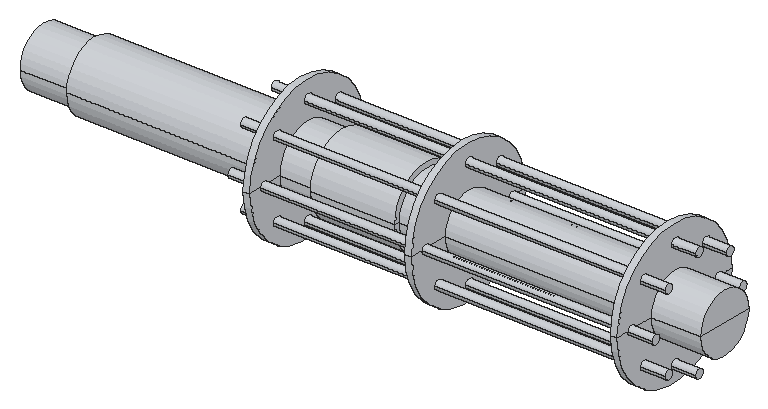
Revit family "c5b1d6599a9d4a33afecdd0c4af42d9c", category Pipe Fittings, Revit 2021
Family settings
  Round Connector Dimension = Use Radius
  Part Type = Union
  OmniClass Number = 23.60.30.11.14.14
  OmniClass Title = Pipe Expansion Compensators
  Work Plane-Based = No
  Always vertical = Yes
  Cut with Voids When Loaded = No
  Shared = No
Parameters (values of type "Standard")
  Wall Thickness [instance] = 0.3000"
  Tick Size [instance] = Fitting Outside Diameter * 0.4  # 1.4000"
  Slip Pipe Withdrawal [instance] = (Project Max Operating Temperature - Project Installation Temperature) / (Project Max Operating Temperature - Project Min Operating Temperature) * Axial Movement  # 1.74366"
  Project Temperature Change [instance] = 150 °F
  Project Pipe Length [instance] = 600.0000"
  Packing Ring Thickness [instance] = size_lookup(Lookup Table Name Ring, "FThk", 0.02 * Nominal Diameter + 0.3500", Nominal Diameter)  # 0.4100"
  Packing Ring Radius [instance] = Packing Ring Diameter / 2  # 4.2400"
  Packing Ring Diameter [instance] = size_lookup(Lookup Table Name Ring, "FDia", 1.13 * Nominal Diameter + 5.0900", Nominal Diameter)  # 8.4800"
  Packing Chamber Length Label [instance] = if(Packing Chamber Length > Length 5 - (2 * Body Ring Thickness) - 0.5000", Length 5 - 2 * Body Ring Thickness - 0.5000", Packing Chamber Length)  # 5.0000"
  Packing Chamber Length = 5.0000"
  Nominal Radius [instance] = 1.5000"
  Nominal Diameter [instance] = Nominal Radius * 2  # 3.0000"
  Project Min Operating Temperature [instance] = -30 °F
  Project Max Operating Temperature [instance] = 120 °F
  Loss Method = Not Defined
  Lookup Table Name Ring = "Flange - Ring - Steel - Class 86"
  Lookup Table Name = "Expansion Joint Slip-Type Single End with Limit Rods - BV - Steel"
  Limit Ring Thickness [instance] = size_lookup(Lookup Table Name Ring, "FThk", 0.02 * Nominal Diameter + 0.3500", Nominal Diameter)  # 0.4100"
  Limit Ring Radius [instance] = Limit Ring Diameter / 2  # 4.2400"
  Limit Ring Diameter [instance] = size_lookup(Lookup Table Name Ring, "FDia", 1.13 * Nominal Diameter + 5.0900", Nominal Diameter)  # 8.4800"
  Length 4 [instance] = Open Length / 2  # 20.2500"
  Length 3 [instance] = cos(45.00°) * Length 1  # 2.29103"
  Length 2 [instance] = 3.0000"
  Length 1 [instance] = Body Ring Radius - 1.0000"  # 3.2400"
  Length [instance] = if(Open, Open Length, Open Length - Slip Pipe Withdrawal)  # 40.5000"
  Project Installation Temperature [instance] = 10 °F
  Fitting Outside Radius [instance] = Fitting Outside Diameter / 2  # 1.7500"
  Fitting Outside Diameter [instance] = size_lookup(Lookup Table Name, "FOD", Nominal Diameter, Nominal Diameter)  # 3.5000"
  Open [instance] = yes
  Open Length [instance] = 40.5000"
  Default Elevation = 0.0000"
  Closed [instance] = not(Open)  # no
  Length 5 [instance] = 10.0000"
  Body Ring Thickness [instance] = size_lookup(Lookup Table Name Ring, "FThk", 0.02 * Nominal Diameter + 0.3500", Nominal Diameter)  # 0.4100"
  Body Ring Radius [instance] = Body Ring Diameter / 2  # 4.2400"
  Body Ring Diameter [instance] = size_lookup(Lookup Table Name Ring, "FDia", 1.13 * Nominal Diameter + 5.0900", Nominal Diameter)  # 8.4800"
  Axial Movement [instance] = 0.0000117 1/K * Project Pipe Length * (Project Temperature Change - -459.67 °F)  # 2.37771"
Reference planes (in)
  plane 1 "Center (Front/Back)": y = 0
  plane 2: z = 0
  plane 3 "Center (Left/Right)": x = 0
  plane 4: x = -20.25
  plane 5: x = 20.25
  plane 6: x = -17.25
  plane 7: x = -5
  plane 8: x = 5
  plane 9: y = 3.24
  plane 10: y = -3.24
  plane 11: y = 1.75
  plane 12: y = 2.05
  plane 13: y = 2.35
  plane 14: x = 4.59
  plane 15: x = -4.59
  plane 16: x = -2.5
  plane 17: x = 2.5
  plane 18 "body flange": y = 4.24
  plane 19: z = 3.24
  plane 20: z = -3.24
  plane 21: x = -6.5
  plane 22: x = 6.5
  plane 23: z = 2.29103
  plane 24: z = -2.29103
  plane 25: y = -2.29103
  plane 26: y = 2.29103
  plane 27: x = 17.25
  plane 28: x = 16.84
  plane 29: x = 3.09
  plane 30: x = 18.75
  plane 31 "packing ring": y = 4.24
  plane 32 "limit ring": y = 4.24
Forms (in)
  Revolve 1, solid, detail levels fine
    sketch origin (0, 0, 0) x (1, 0, 0) y (0, 1, 0)
      loop
        line (-20.25, 0) -> (20.25, 0) -> (20.25, 1.75) -> (17.25, 1.75) -> (17.25, 4.24) -> (16.84, 4.24) -> (16.84, 1.75) -> (5, 1.75) -> (5, 4.24) -> (4.59, 4.24) -> (4.59, 2.05) -> (2.5, 2.05) -> (2.5, 2.35) -> (-2.5, 2.35) -> (-2.5, 2.05) -> (-4.59, 2.05) -> (-4.59, 4.24) -> (-5, 4.24) -> (-5, 2.05) -> (-17.25, 2.05) -> (-17.25, 1.75) -> (-20.25, 1.75) -> (-20.25, 0)
      axis (-20.25, 0) -> (20.25, 0)
    angle from 0 to 360
  Extrusion 2, solid, detail levels fine
    sketch origin (0, 0, 0) x (0, 1, 0) y (0, 0, 1)
      loop
        circle (-2.29103, 2.29103) r 0.25
      loop
        circle (-2.29103, -2.29103) r 0.25
      loop
        circle (2.29103, 2.29103) r 0.25
      loop
        circle (2.29103, -2.29103) r 0.25
      loop
        circle (0, -3.24) r 0.25
      loop
        circle (3.24, 0) r 0.25
      loop
        circle (-3.24, 0) r 0.25
      loop
        circle (0, 3.24) r 0.25
    from -6.5 to 18.75
Cuts and joins
  joined: Revolve 1, Extrusion 2
Lines and regions (in)
  model lines, detail levels coarse+medium
    curve 1: line (-20.25, 1.4, 0) -> (-20.25, -1.4, 0)
    curve 2: line (20.25, 1.4, 0) -> (20.25, -1.4, 0)
    curve 4: line (17.25, 0, 0) -> (20.25, 0, 0)
    curve 5: line (-20.25, 1.4, 0) -> (20.25, 1.4, 0)
    curve 6: line (20.25, -1.4, 0) -> (-20.25, -1.4, 0)
  model lines, style "PipeFitting", detail levels coarse+medium
    curve 3: line (-20.25, 0, 0) -> (-17.25, 0, 0)
Dimensions and locks (in)
  "Length": plane 4 to plane 5
  "Length 2": plane 4 to plane 6
  equal spacing: plane 7, plane 3 "Center (Left/Right)", plane 8
  "Length 5": plane 7 to plane 8
  "Length 1": plane 10 to plane 1 "Center (Front/Back)"
  "Length 1": plane 9 to plane 1 "Center (Front/Back)"
  "Fitting Outside Radius": plane 11 to plane 1 "Center (Front/Back)"
  "Wall Thickness": plane 12 to plane 11
  "Wall Thickness": plane 13 to plane 12
  "Body Ring Thickness": plane 7 to plane 15
  "Packing Ring Thickness": plane 14 to plane 8
  equal spacing: plane 16, plane 3 "Center (Left/Right)", plane 17
  "Packing Chamber Length Label": plane 16 to plane 17
  "Length 1": plane 2 to plane 20
  "Length 1": plane 19 to plane 2
  "Body Ring Radius": plane 18 "body flange" to plane 1 "Center (Front/Back)"
  locked: plane 21 to plane 7 at 1.5
  locked: plane 8 to plane 22 at 1.5
  "Length 4": plane 4 to plane 3 "Center (Left/Right)"
  "Tick Size": plane 1 "Center (Front/Back)" to curve 1
  "Tick Size": curve 1 to plane 1 "Center (Front/Back)"
  "Tick Size": plane 1 "Center (Front/Back)" to curve 2
  "Tick Size": curve 2 to plane 1 "Center (Front/Back)"
  "Length 3": plane 23 to plane 2
  "Length 3": plane 24 to plane 2
  "Length 3": plane 1 "Center (Front/Back)" to plane 26
  "Length 3": plane 25 to plane 1 "Center (Front/Back)"
  "Length 2": plane 27 to plane 5
  "Limit Ring Thickness": plane 28 to plane 27
  locked: plane 29 to plane 14 at 1.5
  locked: plane 27 to plane 30 at 1.5
  "Packing Ring Radius": plane 31 "packing ring" to plane 1 "Center (Front/Back)"
  "Limit Ring Radius": plane 32 "limit ring" to plane 1 "Center (Front/Back)"
  radius of Extrusion 2 sketch curve = 0.2500"
  aligned and locked: plane 2 to level
  aligned and locked: plane 1 "Center (Front/Back)" to Revolve 1 sketch curve
  aligned and locked: plane 4 to Revolve 1 sketch curve
  aligned and locked: Revolve 1 sketch curve to plane 11  (x3)
  aligned and locked: plane 6 to Revolve 1 sketch curve
  aligned and locked: Revolve 1 sketch curve to plane 12  (x3)
  aligned and locked: plane 7 to Revolve 1 sketch curve
  aligned and locked: Revolve 1 sketch curve to plane 18 "body flange"
  aligned and locked: Revolve 1 sketch curve to plane 15
  aligned and locked: plane 16 to Revolve 1 sketch curve
  aligned and locked: Revolve 1 sketch curve to plane 13
  aligned and locked: plane 17 to Revolve 1 sketch curve
  aligned and locked: Revolve 1 sketch curve to plane 14
  aligned and locked: plane 8 to Revolve 1 sketch curve
  aligned and locked: plane 5 to Revolve 1 sketch curve
  aligned and locked: Revolve 1 sketch curve to Revolve 1 sketch curve
  aligned and locked: plane 5 to curve 2
  aligned and locked: curve 1 to plane 4
  aligned and locked: plane 4 to curve 3
  aligned and locked: plane 5 to curve 4
  aligned and locked: plane 1 "Center (Front/Back)" to curve 3
  aligned and locked: plane 25 to Extrusion 2 sketch curve  (x2)
  aligned and locked: plane 23 to Extrusion 2 sketch curve  (x2)
  aligned and locked: plane 24 to Extrusion 2 sketch curve  (x2)
  aligned and locked: plane 26 to Extrusion 2 sketch curve  (x2)
  aligned and locked: Extrusion 2 to plane 30
  aligned and locked: Revolve 1 sketch curve to plane 28
  aligned and locked: plane 27 to Revolve 1 sketch curve
  aligned and locked: Revolve 1 sketch curve to plane 31 "packing ring"
  aligned and locked: Revolve 1 sketch curve to plane 32 "limit ring"
  aligned and locked: plane 6 to curve 3
  aligned and locked: plane 27 to curve 4
  aligned and locked: Extrusion 2 to plane 21
Automatic sketch dimensions
  Revolve 1 sketch curve to plane 4 = 7.7500"
  Revolve 1 sketch curve to plane 5 = 24.0000"
  Extrusion 2 sketch curve to level = 0.0000"  (x2)
  Extrusion 2 sketch curve to plane 10 = 0.0000"
  Extrusion 2 sketch curve to plane 1 "Center (Front/Back)" = 0.0000"  (x2)
  Extrusion 2 sketch curve to plane 9 = 0.0000"
  Extrusion 2 sketch curve to plane 20 = 0.0000"
  Extrusion 2 sketch curve to plane 19 = 0.0000"
  plane 1 "Center (Front/Back)" to curve 4 = 0.0000"
  radius of Extrusion 2 sketch curve = 0.2500"  (x7)
Connectors (in)
  piping at (-20.25, 0, 0), diameter 3, driven by "Nominal Radius"
    settings: on Revolve 1, index 1, connector inside diameter 3.0000", connector length 0.0000", flow factor 0, pipe flow 0 GPM, pressure drop 0.00 psi, fitting loss kfactor 0, connector angle 0.00°, fixture units 0, engagement length 0.0000", angle of deflection 0.00°, flow configuration 0, flow direction 0, fitting loss method 0, system type 28, joint type 0, gender type 0, connector reference index 2, connector utility 0, adjustable connector no, is connector primary yes, connector description ""
  piping at (20.25, 0, 0), diameter 3, driven by "Nominal Radius"
    settings: on Revolve 1, index 2, connector inside diameter 3.0000", connector length 0.0000", flow factor 0, pipe flow 0 GPM, pressure drop 0.00 psi, fitting loss kfactor 0, connector angle 0.00°, fixture units 0, engagement length 0.0000", angle of deflection 0.00°, flow configuration 0, flow direction 0, fitting loss method 0, system type 28, joint type 0, gender type 0, connector reference index 1, connector utility 0, adjustable connector no, is connector primary no, connector description ""
